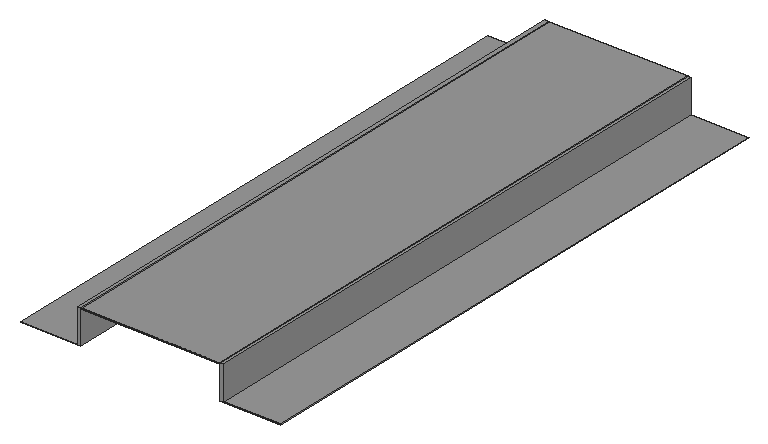
Revit family "Installationskanal für System 55", category Generic Models, Revit 2015
Parameters (values of type "OKA-G60040140")
  Width = 600 mm
  URL = "http://www.obo-bettermann.com"
  Material = Steel, Galvanized
  Manufacturer Art. No. = "7424008"
  Manufacturer = "OBO Bettermann"
  Length [instance] = 2400 mm
  Height [instance] = 140 mm
  GTIN = "4012195242994"
  Article Type = "OKA-G60040140"
Types (6, lengths in mm): name | Width | Manufacturer Art. No. | GTIN | Article Type
  (no name) | 600 | "7424008" | "4012195242994" | "OKA-G60040140"
  OKA-G20040140 | 200 | "7424000" | "4012195242925" | "OKA-G20040140"
  OKA-G30040140 | 300 | "7424002" | "4012195242932" | "OKA-G30040140"
  OKA-G40040140 | 400 | "7424004" | "4012195242949" | "OKA-G40040140"
  OKA-G50040140 | 500 | "7424006" | "4012195242987" | "OKA-G50040140"
  OKA-G60040140 | 600 | "7424008" | "4012195242994" | "OKA-G60040140"
Reference planes
  plane 1 "Center (Front/Back)": y = 0
  plane 2: z = 0
  plane 3 "Center (Left/Right)": x = 0
  plane 4: z = 140
  plane 5: y = -2400
  plane 6: x = 300
  plane 7: x = -300
Forms (mm)
  Extrusion 1, solid, material "Aluminum 6061"
    sketch origin (0, 0, 0) x (1, 0, 0) y (0, 0, 1)
      loop
        line (285, 140) -> (285, 0) -> (535, 0) -> (535, 1) -> (300, 1) -> (300, 140) -> (285, 140)
      loop
        line (-300, 1) -> (-535, 1) -> (-535, 0) -> (-285, 0) -> (-285, 140) -> (-300, 140) -> (-300, 1)
    from 0 to 2400
  Extrusion 2, solid, material "Steel, Galvanized" <- "Material"
    sketch origin (0, 0, 0) x (1, 0, 0) y (0, 0, 1)
      loop
        line (285, 136) -> (285, 140) -> (-285, 140) -> (-285, 136) -> (285, 136)
    from 0 to 2400
Lines and regions (mm)
  model lines
    curve 1: line (-300, 0, 140) -> (-285, 0, 140)
    curve 2: line (-285, 0, 140) -> (-285, 0, 0)
    curve 3: line (-285, 0, 0) -> (-535, 0, 0)
    curve 4: line (-535, 0, 0) -> (-535, 0, 1)
    curve 5: line (-535, 0, 1) -> (-300, 0, 1)
    curve 6: line (-300, 0, 1) -> (-300, 0, 140)
    curve 7: line (285, 0, 140) -> (285, 0, 0)
    curve 8: line (285, 0, 0) -> (535, 0, 0)
    curve 9: line (535, 0, 0) -> (535, 0, 1)
    curve 10: line (535, 0, 1) -> (300, 0, 1)
    curve 11: line (300, 0, 1) -> (300, 0, 140)
    curve 12: line (300, 0, 140) -> (285, 0, 140)
    curve 13: line (285, 0, 140) -> (285, 0, 0)
    curve 14: line (-285, 0, 0) -> (-285, 0, 140)
    curve 15: line (-285, 0, 140) -> (285, 0, 140)
    curve 16: line (-285, 0, 136) -> (285, 0, 136)
Dimensions and locks
  locked: curve 5 to curve 3 at 1
  locked: curve 2 to curve 6 at 15
  locked: curve 10 to curve 8 at 1
  locked: curve 2 to curve 4 at 250
  locked: curve 9 to curve 7 at 250
  locked: curve 11 to curve 7 at 15
  "Length": plane 1 "Center (Front/Back)" to plane 5
  equal spacing: plane 7, plane 3 "Center (Left/Right)", plane 6
  "Width": plane 7 to plane 6
  "Height": level to plane 4
  locked: curve 16 to curve 15 at 4
  aligned and locked: level to plane 2
  aligned and locked: level to curve 3
  aligned and locked: curve 6 to plane 7
  aligned and locked: curve 11 to plane 6
  aligned and locked: plane 4 to curve 1
  aligned and locked: curve 8 to level
  aligned and locked: Extrusion 1 sketch curve to curve 13
  aligned and locked: Extrusion 1 sketch curve to curve 12
  aligned and locked: Extrusion 1 sketch curve to curve 11
  aligned and locked: Extrusion 1 sketch curve to curve 10
  aligned and locked: Extrusion 1 sketch curve to curve 9
  aligned and locked: Extrusion 1 sketch curve to curve 8
  aligned and locked: Extrusion 1 sketch curve to curve 6
  aligned and locked: Extrusion 1 sketch curve to curve 14
  aligned and locked: Extrusion 1 sketch curve to curve 1
  aligned and locked: Extrusion 1 sketch curve to curve 5
  aligned and locked: Extrusion 1 sketch curve to curve 3
  aligned and locked: Extrusion 1 sketch curve to curve 4
  aligned and locked: Extrusion 1 to plane 5
  aligned and locked: Extrusion 2 sketch curve to curve 16
  aligned and locked: Extrusion 2 sketch curve to curve 15
  aligned and locked: Extrusion 2 sketch curve to curve 2
  aligned and locked: Extrusion 2 sketch curve to curve 7
  aligned and locked: Extrusion 2 to plane 5
